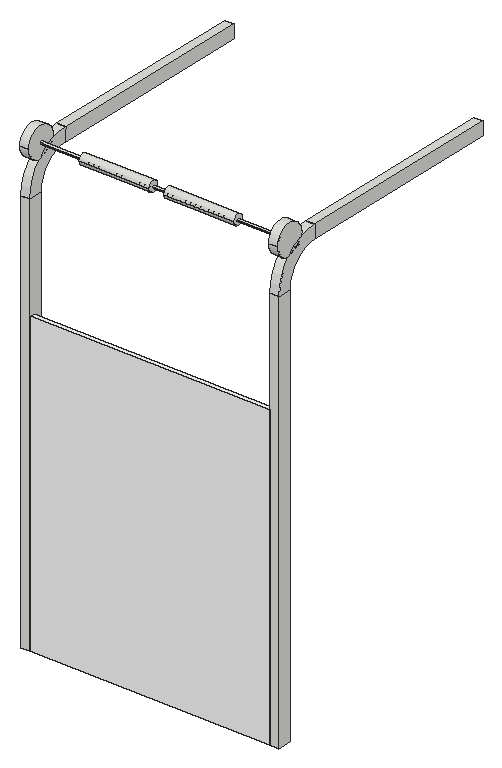
Revit family "Welterweight-LH", category Generic Models, host Wall, Revit 2026
Family settings
  Host = Wall
  Can host rebar = No
  Round Connector Dimension = Use Diameter
  Part Type = Normal
  Always vertical = Yes
  Cut with Voids When Loaded = Yes
  Maintain Annotation Orientation = No
  Shared = No
  Room Calculation Point = No
Parameters (values of type "8' x 10'")
  VerticalTrack = TrackHeight - (1' 6")  # 13' - 6"
  Type Comments = "Insulated"  # constant formula
  TrackWidth = 0' - 3 1/2"
  TrackHeight = OpeningHeight + HeadRoom  # 15' - 0"
  TrackDepth = 0' - 5 3/8"
  PanelSize = 2' - 0"  # constant formula
  OpeningWidth = 8' - 0"
  OpeningHeight = 10' - 0"
  Model = "Welterweight"  # constant formula
  Manufacturer = "TKO"  # constant formula
  HorizTrack = OpeningHeight - HeadRoom + 2' 0"  # 7' - 0"
  HeadRoom = 5' - 0"  # constant formula
  DoorThk = 0' - 2"  # constant formula
  Description = "Sectional Door"  # constant formula
  Default Elevation = 0' - 0"
Types (16): name | VerticalTrack | TrackHeight | TrackDepth | OpeningWidth | OpeningHeight | HorizTrack
  (no name) | 13' - 6" | 15' - 0" | 0' - 5 3/8" | 8' - 0" | 10' - 0" | 7' - 0"
  8' x 10' | 13' - 6" | 15' - 0" | 0' - 5 3/8" | 8' - 0" | 10' - 0" | 7' - 0"
  9' x 10' | 13' - 6" | 15' - 0" | 0' - 5 3/8" | 9' - 0" | 10' - 0" | 7' - 0"
  10' x 10' | 13' - 6" | 15' - 0" | 0' - 5 3/8" | 10' - 0" | 10' - 0" | 7' - 0"
  10' x 11' | 14' - 6" | 16' - 0" | 0' - 5 5/8" | 10' - 0" | 11' - 0" | 8' - 0"
  9' x 11' | 14' - 6" | 16' - 0" | 0' - 5 3/8" | 9' - 0" | 11' - 0" | 8' - 0"
  8' x 11' | 14' - 6" | 16' - 0" | 0' - 5 3/8" | 8' - 0" | 11' - 0" | 8' - 0"
  10' x 12' | 15' - 6" | 17' - 0" | 0' - 5 3/8" | 10' - 0" | 12' - 0" | 9' - 0"
  8' x 12' | 15' - 6" | 17' - 0" | 0' - 5 3/8" | 8' - 0" | 12' - 0" | 9' - 0"
  9' x 12' | 15' - 6" | 17' - 0" | 0' - 5 3/8" | 9' - 0" | 12' - 0" | 9' - 0"
  10' x 8' | 11' - 6" | 13' - 0" | 0' - 5 3/8" | 10' - 0" | 8' - 0" | 5' - 0"
  10' x 9' | 12' - 6" | 14' - 0" | 0' - 5 3/8" | 10' - 0" | 9' - 0" | 6' - 0"
  8' x 9' | 12' - 6" | 14' - 0" | 0' - 5 3/8" | 8' - 0" | 9' - 0" | 6' - 0"
  8' x 8' | 11' - 6" | 13' - 0" | 0' - 5 3/8" | 8' - 0" | 8' - 0" | 5' - 0"
  9' x 9' | 12' - 6" | 14' - 0" | 0' - 5 3/8" | 9' - 0" | 9' - 0" | 6' - 0"
  9' x 8' | 12' - 6" | 14' - 0" | 0' - 5 3/8" | 9' - 0" | 9' - 0" | 6' - 0"
Reference planes (in)
  plane 1: y = 0
  plane 2 "Center (Left/Right)": x = 0
  plane 3 "Wall Edge": y = 3
  plane 4: x = -48
  plane 5: x = 48
  plane 6: z = 120
  plane 7: y = 3
  plane 8: y = 5
  plane 9: z = 24
  plane 10: z = 48
  plane 11: z = 72
  plane 12: x = -51.5
  plane 13: x = 51.5
  plane 14: y = 8.375
  plane 15: z = 180
  plane 16: z = 96
  plane 17: z = 120
  plane 18: x = -3
  plane 19: x = 3
  plane 20: x = 31
  plane 21: x = -31
  plane 22: z = 162
  plane 23: y = 21
  plane 24: y = 105
Forms (in)
  Extrusion 1, void
    sketch origin (0, 3, 0) x (1, 0, 0) y (0, 0, 1)
      loop
        line (48, 120) -> (-48, 120) -> (-48, 0) -> (48, 0) -> (48, 120)
    from 0 to 6
  Extrusion 2, solid, material "DOOR PANEL"
    sketch origin (0, 0, 0) x (1, 0, 0) y (0, 1, 0)
      loop
        line (-48, 5) -> (-48, 3) -> (48, 3) -> (48, 5) -> (-48, 5)
    from 0 to 120
  Extrusion 3, solid, material "Steel"
    sketch origin (0, 0, 0) x (1, 0, 0) y (0, 1, 0)
      loop
        line (-51.5, 8.375) -> (-51.5, 3) -> (-48, 3) -> (-48, 8.375) -> (-51.5, 8.375)
      loop
        line (48, 8.375) -> (48, 3) -> (51.5, 3) -> (51.5, 8.375) -> (48, 8.375)
    from 0 to 162
  Extrusion 4, solid, material "Steel"
    sketch origin (0, 0, 0) x (0, 1, 0) y (0, 0, 1)
      loop
        circle (8.375, 180) r 6
    from 48 to 51.5
  Extrusion 5, solid, material "Steel"
    sketch origin (-3.5, 0, 21.84521) x (0, 1, 0) y (0, 0, -1)
      loop
        circle (8.375, -158.15479) r 6
    from 44.5 to 48
  Extrusion 6, solid, material "Steel"
    sketch origin (0, 0, 0) x (0, 1, 0) y (0, 0, 1)
      loop
        circle (8.375, 180) r 0.5
    from -48 to 48
  Extrusion 7, solid, material "Steel"
    sketch origin (0, 0, 0) x (0, 1, 0) y (0, 0, 1)
      loop
        circle (8.375, 180) r 2
    from 3 to 31
  Extrusion 8, solid, material "Steel"
    sketch origin (0, 0, 0) x (0, 1, 0) y (0, 0, -1)
      loop
        circle (8.375, -180) r 2
    from 3 to 31
  Extrusion 9, solid, material "Steel"
    sketch origin (0, 0, 0) x (0, 1, 0) y (0, 0, 1)
      loop
        line (3, 162) -> (8.375, 162)
        arc (8.375, 162) -> (12.07278, 170.92722) -> (21, 174.625) r 12.625
        line (21, 174.625) -> (21, 180)
        arc (21, 180) -> (8.27208, 174.72792) -> (3, 162) r 18
    from 48 to 51.5
  Extrusion 10, solid, material "Steel"
    sketch origin (0, 0, 0) x (0, 1, 0) y (0, 0, -1)
      loop
        arc (3, -162) -> (8.27208, -174.72792) -> (21, -180) r 18
        line (21, -180) -> (21, -174.625)
        arc (21, -174.625) -> (12.07278, -170.92722) -> (8.375, -162) r 12.625
        line (8.375, -162) -> (3, -162)
    from 48 to 51.5
  Extrusion 11, solid, material "Steel"
    sketch origin (0, 3, 0) x (1, 0, 0) y (0, 0, 1)
      loop
        line (-51.5, 180) -> (-51.5, 174.625) -> (-48, 174.625) -> (-48, 180) -> (-51.5, 180)
      loop
        line (51.5, 180) -> (48, 180) -> (48, 174.625) -> (51.5, 174.625) -> (51.5, 180)
    from -102 to -18
Cuts and joins
  joined: Extrusion 3, Extrusion 4, Extrusion 5
Lines and regions (in)
  model lines
    curve 1: line (48, 3, 24) -> (-48, 3, 24)
    curve 2: line (-48, 3, 48) -> (48, 3, 48)
    curve 3: line (48, 3, 72) -> (-48, 3, 72)
    curve 4: line (48, 3, 96) -> (-48, 3, 96)
    curve 5: line (48, 3, 120) -> (-48, 3, 120)
Text (in)
  text "Placement Side" at (0, 40.15149, 123.01588), in view "Right"
  text "Placement Side" at (-70.3804, 83.26548, 0), in view "Ref. Level"
  text "Placement Side" at (0, 81.62555, 140.59947), in view "Left"
Dimensions and locks (in)
  locked: plane 3 "Wall Edge" to host wall
  equal spacing: plane 5, plane 2 "Center (Left/Right)", plane 4
  "OpeningWidth": plane 5 to plane 4
  "DoorThk": plane 7 to plane 8
  "TrackDepth": plane 14 to plane 7
  "TrackWidth": plane 12 to plane 4
  "TrackWidth": plane 5 to plane 13
  "PanelSize": plane 9 to level
  equal spacing: plane 17, plane 16, plane 11, plane 10, plane 9, level
  "OpeningHeight": level to plane 6
  equal spacing: plane 18, plane 2 "Center (Left/Right)", plane 19, locked at 3 each
  locked: plane 21 to plane 18 at 28
  locked: plane 19 to plane 20 at 28
  "VerticalTrack": level to plane 22
  "HeadRoom": plane 6 to plane 15
  locked: plane 7 to plane 23 at 18
  "HorizTrack": plane 24 to plane 23
  radius of Extrusion 4 sketch curve = 0' - 6"
  radius of Extrusion 5 sketch curve = 0' - 6"
  radius of Extrusion 6 sketch curve = 0' - 0 1/2"
  radius of Extrusion 7 sketch curve = 0' - 2"
  radius of Extrusion 8 sketch curve = 0' - 2"
  radius of Extrusion 9 sketch curve = 1' - 6"
  radius of Extrusion 9 sketch curve = 1' - 0 5/8"
  radius of Extrusion 10 sketch curve = 1' - 6"
  radius of Extrusion 10 sketch curve = 1' - 0 5/8"
  aligned and locked: host wall to plane 7
  aligned and locked: Extrusion 1 sketch curve to plane 5
  aligned and locked: Extrusion 1 sketch curve to plane 4
  aligned and locked: Extrusion 1 to plane 7
  aligned and locked: host wall to Extrusion 1
  aligned and locked: Extrusion 2 to plane 3 "Wall Edge"
  aligned and locked: plane 8 to Extrusion 2
  aligned and locked: Extrusion 2 to plane 6
  aligned and locked: Extrusion 3 sketch curve to plane 14  (x2)
  aligned and locked: Extrusion 3 sketch curve to plane 12
  aligned and locked: curve 1 to Extrusion 3 sketch curve
  aligned and locked: plane 5 to Extrusion 3 sketch curve
  aligned and locked: Extrusion 3 sketch curve to plane 7
  aligned and locked: Extrusion 3 sketch curve to plane 13
  aligned and locked: plane 15 to Extrusion 4 sketch curve
  aligned and locked: Extrusion 3 to Extrusion 4 sketch curve
  aligned and locked: Extrusion 4 to plane 13
  aligned and locked: Extrusion 4 to plane 5
  aligned and locked: plane 4 to Extrusion 5
  aligned and locked: Extrusion 5 to plane 12
  aligned and locked: curve 2 to plane 10
  aligned and locked: curve 3 to plane 11
  aligned and locked: curve 1 to plane 9
  aligned and locked: cut or joined group of Extrusion 3, Extrusion 4, Extrusion 5 to Extrusion 6 sketch curve
  aligned and locked: plane 5 to Extrusion 6
  aligned and locked: Extrusion 6 to plane 4
  aligned and locked: cut or joined group of Extrusion 3, Extrusion 4, Extrusion 5 to level
  aligned and locked: Extrusion 2 to level
  aligned and locked: curve 4 to plane 16
  aligned and locked: curve 5 to plane 17
  aligned and locked: level to Extrusion 2
  aligned and locked: Extrusion 1 sketch curve to level
  aligned and locked: Extrusion 1 sketch curve to plane 6
  aligned and locked: plane 15 to Extrusion 7 sketch curve
  aligned and locked: plane 14 to Extrusion 7 sketch curve
  aligned and locked: Extrusion 7 to plane 20
  aligned and locked: plane 19 to Extrusion 7
  aligned and locked: Extrusion 8 to plane 18
  aligned and locked: plane 21 to Extrusion 8
  aligned and locked: plane 15 to Extrusion 8 sketch curve
  aligned and locked: Extrusion 8 sketch curve to plane 14
  aligned and locked: plane 22 to cut or joined group of Extrusion 3, Extrusion 4, Extrusion 5
  aligned and locked: Extrusion 9 sketch curve to cut or joined group of Extrusion 3, Extrusion 4, Extrusion 5
  aligned and locked: plane 23 to Extrusion 9 sketch curve
  aligned and locked: plane 22 to Extrusion 9 sketch curve
  aligned and locked: Extrusion 9 sketch curve to plane 23
  aligned and locked: cut or joined group of Extrusion 3, Extrusion 4, Extrusion 5 to Extrusion 9
  aligned and locked: Extrusion 9 to plane 5
  aligned and locked: plane 4 to Extrusion 10
  aligned and locked: plane 13 to Extrusion 9
  aligned and locked: plane 5 to Extrusion 9
  aligned and locked: Extrusion 11 sketch curve to Extrusion 10  (x4)
  aligned and locked: Extrusion 11 sketch curve to Extrusion 9  (x3)
  aligned and locked: Extrusion 9 to Extrusion 11 sketch curve
  aligned and locked: plane 24 to Extrusion 11
  aligned and locked: Extrusion 11 to plane 23
  aligned and locked: Extrusion 10 to plane 12
  aligned and locked: Extrusion 10 to plane 4
  aligned and locked: Extrusion 2 to plane 4
  aligned and locked: Extrusion 2 to plane 5
  aligned and locked: plane 15 to Extrusion 5 sketch curve
  aligned and locked: cut or joined group of Extrusion 3, Extrusion 4, Extrusion 5 to plane 4
Automatic sketch dimensions
  Extrusion 2 sketch curve to host wall = 0' - 0"
  Extrusion 2 sketch curve to plane 4 = 0' - 0"
  plane 5 to Extrusion 2 sketch curve = 0' - 0"
  Extrusion 2 sketch curve to plane 8 = 0' - 0"
  curve 3 to plane 4 = 0' - 0"
  curve 1 to plane 4 = 0' - 0"
  curve 2 to plane 4 = 0' - 0"
  curve 4 to plane 4 = 0' - 0"
  curve 5 to plane 4 = 0' - 0"
  curve 4 to plane 5 = 0' - 0"
  curve 2 to plane 5 = 0' - 0"
  curve 5 to plane 5 = 0' - 0"
  curve 1 to plane 5 = 0' - 0"
  curve 3 to plane 5 = 0' - 0"
  plane 4 to Extrusion 3 sketch curve = 0' - 0"
  Extrusion 3 sketch curve to plane 13 = 0' - 0"
  Extrusion 6 sketch curve to plane 15 = 0' - 0"
  Extrusion 10 sketch curve to Extrusion 10 sketch curve = 0' - 0"  (x2)
  Extrusion 10 sketch curve to host wall = 0' - 0"
  Extrusion 10 sketch curve to plane 15 = 0' - 0"
  Extrusion 5 sketch curve to plane 14 = 0' - 0"
